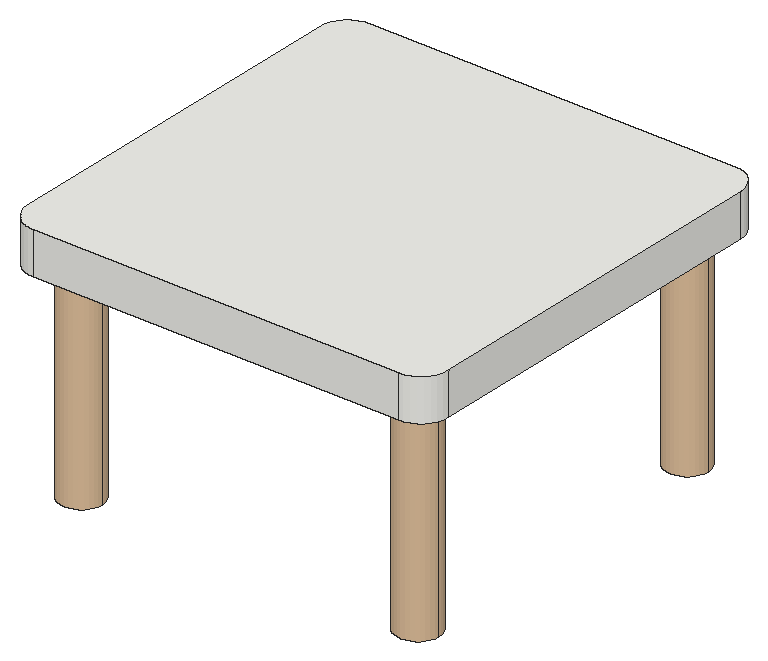
Revit family "racbasicsamplefamily", category Furniture, Revit 2024
Family settings
  OmniClass Number = 23.40.20.14.17
  OmniClass Title = Residential Tables and Cabinets
  Work Plane-Based = No
  Enable Cutting in Views = No
  Always vertical = Yes
  Cut with Voids When Loaded = No
  Render Appearance Source = Family Geometry
  Shared = Yes
  Room Calculation Point = No
Parameters (values of type "0762 x 0762mm")
  Default Elevation = 0.00 mm
  Base Material = Wood - Birch
  Height = 457.00 mm
  Length = 762.00 mm
  Top Material = Laminate - Ivory, Matte
  Width = 762.00 mm
Types (4, lengths in mm): name | Height | Length | Width
  (no name) | 457.00 | 762.00 | 762.00
  0610 x 0160mm | 762.00 | 610.00 | 610.00
  0762 x 0762mm | 457.00 | 762.00 | 762.00
  0610 x 0915mm | 762.00 | 610.00 | 915.00
Reference planes
  plane 1: y = 152.4
  plane 2: z = 0
  plane 3 "Left": x = 3.734
  plane 4 "Right": x = 765.734
  plane 5 "Back": y = 533.4
  plane 6 "Front": y = -228.6
  plane 7: x = 384.734
Forms (mm)
  Extrusion 1, solid, material "Laminate - Ivory, Matte" <- "Top Material"
    sketch origin (0, 0, 0) x (1, 0, 0) y (0, 1, 0)
      loop
        line (54.534, -228.6) -> (714.934, -228.6)
        arc (714.934, -228.6) -> (750.855, -213.721) -> (765.734, -177.8) r 50.8
        line (765.734, -177.8) -> (765.734, 482.6)
        arc (765.734, 482.6) -> (750.855, 518.521) -> (714.934, 533.4) r 50.8
        line (714.934, 533.4) -> (54.534, 533.4)
        arc (54.534, 533.4) -> (18.613, 518.521) -> (3.734, 482.6) r 50.8
        line (3.734, 482.6) -> (3.734, -177.8)
        arc (3.734, -177.8) -> (18.613, -213.721) -> (54.534, -228.6) r 50.8
    from 380.8 to 457
  Extrusion 2, solid, material "Wood - Birch" <- "Base Material"
    sketch origin (0, 0, 0) x (1, 0, 0) y (0, 1, 0)
      loop
        circle (79.934, 457.2) r 38.1
      loop
        circle (79.934, -152.4) r 38.1
      loop
        circle (689.534, -152.4) r 38.1
      loop
        circle (689.534, 457.2) r 38.1
    from 0 to 380.8
Lines and regions (mm)
  Masking region 1
    outline origin (0, 0, 0) x (1, 0, 0) y (0, 1, 0)
      loop
        arc (54.534, 533.4) -> (18.613, 518.521) -> (3.734, 482.6) r 50.8
        line (3.734, 482.6) -> (3.734, -177.8)
        arc (3.734, -177.8) -> (18.613, -213.721) -> (54.534, -228.6) r 50.8
        line (54.534, -228.6) -> (714.934, -228.6)
        arc (714.934, -228.6) -> (750.855, -213.721) -> (765.734, -177.8) r 50.8
        line (765.734, -177.8) -> (765.734, 482.6)
        arc (765.734, 482.6) -> (750.855, 518.521) -> (714.934, 533.4) r 50.8
        line (714.934, 533.4) -> (54.534, 533.4)
Dimensions and locks
  locked: Extrusion 1 to Extrusion 1 at 76.2
  "Height": Extrusion 1 to plane 2
  locked: Extrusion 1 to Extrusion 2 sketch curve at 76.2  (x8)
  "Width": plane 5 "Back" to plane 6 "Front"
  "Length": plane 3 "Left" to plane 4 "Right"
  equal spacing: plane 5 "Back", plane 1, plane 6 "Front"
  equal spacing: plane 3 "Left", plane 7, plane 4 "Right"
  radius of Extrusion 1 sketch curve = 50.80 mm  (x4)
  aligned and locked: plane 2 to level
  aligned and locked: plane 6 "Front" to Extrusion 1 sketch curve
  aligned and locked: Extrusion 2 to Extrusion 1
  aligned and locked: Masking region 1 sketch curve to plane 5 "Back"
  aligned and locked: plane 3 "Left" to Masking region 1 sketch curve
  aligned and locked: plane 4 "Right" to Masking region 1 sketch curve
  aligned and locked: Masking region 1 sketch curve to plane 6 "Front"
  aligned: Masking region 1 sketch curve to Extrusion 1
Automatic sketch dimensions
  Extrusion 2 sketch curve to Extrusion 2 sketch curve = 38.10 mm  (x4)
  Extrusion 1 sketch curve to plane 3 "Left" = 0.00 mm
  Extrusion 1 sketch curve to plane 4 "Right" = 0.00 mm
  Extrusion 1 sketch curve to plane 5 "Back" = 0.00 mm
  plane 3 "Left" to Masking region 1 sketch curve = 50.80 mm  (x2)
  plane 4 "Right" to Masking region 1 sketch curve = 50.80 mm  (x2)
